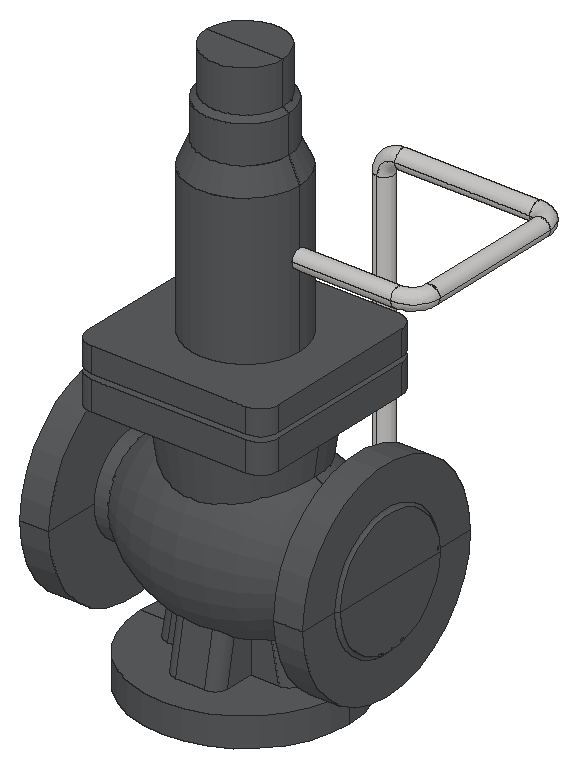
Revit family "VFG33_DN25-125_PN25_RFA_1", category Pipe Accessories, Revit 2019
Family settings
  Round Connector Dimension = Use Diameter
  Part Type = Valve - Breaks Into
  OmniClass Number = 23.75.65.14.14.17
  OmniClass Title = Flow Controls
  Work Plane-Based = No
  Always vertical = Yes
  Cut with Voids When Loaded = No
  Shared = No
Parameters (values of type "VFG33_DN25_PN25_065B2606")
  y2 = 60 mm
  y1 = 68.1 mm
  xtt200 = 75 mm
  xtb200 = 51 mm
  xt3 = 75 mm
  xt2 = 50 mm
  xt1 = 30 mm
  xs3 = xs2 / 2  # 52.5 mm
  xs2 = 105 mm
  xs1 = 105 mm
  xb2 = 85 mm
  xb1 = 65 mm
  r2 = 8 mm
  r1 = 12 mm
  r0 = 10 mm
  btx = 41.3 mm
  bh = 6.6 mm
  bbx = 49.2 mm
  a1 = L2 / 2  # 80 mm
  _tfr = 5 mm
  _tf4 = 11.5 mm
  _tf3 = 95.9 mm
  _tf2 = 94.4 mm
  _tf1 = 142.5 mm
  W [instance] = 158.4 mm
  URL = "https://store.danfoss.com/en/Climate-Solutions-for-heating/Motorised-Control-Valves-/Globe-Valves/Valves-for-District-Heating-and-District-Cooling/c/4104?q=%3Arelevance%3Adanfoss_producttypehierarchydesc%3A7368d77c411ee812a094239296e2d33941f6012b&text="
  Rz1 = 200 mm
  Ry2 = 20 mm
  Ry1 = 10 mm
  Rw2 = 33.068 mm
  Rw1 = 42.5 mm
  R42 [instance] = 6 mm
  R41 = 3.045 mm
  R4 = 20.955 mm
  R3 = 30 mm
  R2 = 27 mm
  R1P = 32 mm
  R1 = 80 mm
  L2 = L1 + (Flange_t1 + Flange_t2) * 2  # 160 mm
  L1 = 124 mm
  L [instance] = 160 mm
  H7 = 64 mm
  H6 = 141 mm
  H53 = 12.9 mm
  H52 = 20.4 mm
  H51 = 3.045 mm
  H5 = 118 mm
  H4 = 16 mm
  H3 = 13.5 mm
  H2 = 96.5 mm
  H1 = 62 mm
  H [instance] = 317.5 mm
  Flange_t2 = 2 mm
  Flange_t1 = 16 mm
  Flange_l2 = 36 mm
  Flange_l1 = 57.5 mm
  Description = "Motorized Control Valve"  # constant formula
  Weight = 10.50 kg
  Valve Body Material = Danfoss Ductile Iron
  Pressure Drop [instance] = 0.0 Pa
  Nominal Pressure = "PN 25"  # constant formula
  Model Type = "VFG33_DN25_PN25"
  Model = "065B2606"
  Min Medium Temperature = "2 °C"  # constant formula
  Max Medium Temperature = "200 °C"  # constant formula
  Max Differential Pressure = "20 bar"
  Manufacturer = "Danfoss"  # constant formula
  LOD 350 = not(LOD 200)  # yes
  LOD 200 = no
  Kvs = 8.0 m³/h
  IfcExportType = "VFG33"  # constant formula
  IfcExportAs = "IfcValveType"  # constant formula
  Flow [instance] = 0.0 m³/h
  DIStop = 38 mm
  D = 25 mm
  Connection = "Flange"  # constant formula
  ANtop = 30.00°
  65-125(350) [instance] = and([65-125], LOD 350)  # no
  65-125 = not([25-50])  # no
  25-80(350) [instance] = and([25-80], LOD 350)  # yes
  25-80(200) [instance] = and([25-80], LOD 200)  # no
  25-80 = yes
  25-50(350) [instance] = and([25-50], LOD 350)  # yes
  25-50 = yes
  100-125(350) [instance] = and([100-125], LOD 350)  # no
  100-125(200) [instance] = and([100-125], LOD 200)  # no
  100-125 = not([25-80])  # no
Types (8, lengths in mm): name | y2 | y1 | xtt200 | xtb200 | xt3 | xt2 | xt1 | xs3 | xs2 | xs1 | xb2 | xb1 | btx | bh | bbx | a1 | _tf4 | _tf3 | _tf2 | _tf1 | W | Rz1 | Rw2 | Rw1 | R42 | R3 | R2 | R1P | R1 | L2 | L1 | L | H7 | H6 | H53 | H52 | H5 | H4 | H3 | H2 | H1 | H | Flange_t2 | Flange_t1 | Flange_l2 | Flange_l1 | Weight | Model Type | Model | Max Differential Pressure | Kvs | DIStop | D | 65-125(350) | 65-125 | 25-80(350) | 25-80 | 25-50(350) | 25-50 | 100-125(350) | 100-125
  VFG33_DN25_PN25_065B2606 | 60 | 68.1 | 75 | 51 | 75 | 50 | 30 | 52.5 | 105 | 105 | 85 | 65 | 41.3 | 6.6 | 49.2 | 80 | 11.5 | 95.9 | 94.4 | 142.5 | 158.4 | 200 | 33.068 | 42.5 | 6 | 30 | 27 | 32 | 80 | 160 | 124 | 160 | 64 | 141 | 12.9 | 20.4 | 118 | 16 | 13.5 | 96.5 | 62 | 317.5 | 2 | 16 | 36 | 57.5 | 10.50 kg | "VFG33_DN25_PN25" | "065B2606" | "20 bar" | 8.0 m³/h | 38 | 25 | no | no | yes | yes | yes | yes | no | no
  VFG33_DN125_PN25_065B2613 | 111 | 85 | 170 | 222 | 75 | 50 | 30 | 53.5 | 107 | 150.584 | 64.215 | 78.215 | 97.1 | 16.5 | 116.8 | 200 | 77 | 149.9 | 146.3 | 222.5 | 289.9 | 125 | 66 | 101 | 53 | 77 | 86.3 | 156 | 284 | 400 | 340 | 400 | 150 | 186 | 14 | 7 | 163 | 25 | 24 | 202.5 | 170 | 588.5 | 3 | 27 | 97 | 135 | 93.00 kg | "VFG33_DN125_PN25" | "065B2613" | "15 bar" | 160.0 m³/h | 61 | 125 | yes | yes | no | no | no | no | yes | yes
  VFG33_DN100_PN25_065B2612 | 100 | 70 | 140 | 200 | 75 | 50 | 30 | 53.5 | 107 | 150.584 | 64.215 | 78.215 | 96.8 | 11.9 | 109 | 175 | 67 | 137.9 | 146.3 | 222.5 | 260.4 | 125 | 59.807 | 100 | 53 | 77 | 75.2 | 69 | 189 | 350 | 294 | 350 | 150 | 186 | 14 | 7 | 163 | 25 | 24 | 202.5 | 147 | 563.5 | 3 | 25 | 84 | 117.5 | 75.00 kg | "VFG33_DN100_PN25" | "065B2612" | "15 bar" | 125.0 m³/h | 53 | 100 | yes | yes | no | no | no | no | yes | yes
  VFG33_DN80_PN25_065B2611 | 75 | 60 | 120 | 150 | 75 | 50 | 30 | 75 | 150 | 150 | 149 | 30 | 41.334 | 6.611 | 49.213 | 155 | 67 | 122.9 | 102.5 | 164.2 | 227.9 | 200 | 15 | 75 | 31 | 55 | 61.7 | 105 | 200 | 310 | 258 | 310 | 102.5 | 131 | 14 | 12 | 108 | 27.7 | 19 | 152 | 129 | 438 | 3 | 23 | 72 | 100 | 41.00 kg | "VFG33_DN80_PN25" | "065B2611" | "20 bar" | 80.0 m³/h | 44.5 | 80 | yes | yes | yes | yes | no | no | no | no
  VFG33_DN65_PN25_065B2610 | 60 | 52.5 | 105 | 120 | 75 | 50 | 30 | 75 | 150 | 150 | 145 | 90 | 70.8 | 6.611 | 75 | 145 | 62 | 112.9 | 102.5 | 164.7 | 210.4 | 200 | 45 | 72.5 | 31 | 55 | 54 | 87 | 175 | 290 | 242 | 290 | 108 | 131 | 14 | 12 | 108 | 22 | 19 | 152.5 | 121 | 428.5 | 3 | 21 | 64 | 92.5 | 35.00 kg | "VFG33_DN65_PN25" | "065B2610" | "20 bar" | 50.0 m³/h | 38 | 65 | yes | yes | yes | yes | no | no | no | no
  VFG33_DN50_PN25_065B2609 | 52.5 | 60 | 115 | 82 | 115 | 82 | 48 | 60 | 120 | 120 | 100 | 70 | 48.5 | 8.3 | 58.4 | 115 | 11.5 | 120.4 | 101.9 | 155.6 | 207.9 | 200 | 35 | 50 | 14 | 38 | 42.6 | 85 | 147 | 230 | 186 | 230 | 77 | 125 | 12.936 | 20.411 | 102 | 18 | 17.5 | 113.5 | 93 | 353.5 | 3 | 19 | 54 | 82.5 | 21.00 kg | "VFG33_DN50_PN25" | "065B2609" | "20 bar" | 32.0 m³/h | 37.966 | 50 | no | no | yes | yes | yes | yes | no | no
  VFG33_DN40_PN25_065B2608 | 52.5 | 60 | 95 | 65 | 95 | 65 | 38 | 60 | 120 | 120 | 100 | 73 | 48.5 | 8.3 | 58.4 | 100 | 11.5 | 112.9 | 101.9 | 155.4 | 192.9 | 200 | 36.5 | 50 | 14 | 38 | 37.3 | 35 | 95 | 200 | 160 | 200 | 77 | 125 | 12.936 | 20.411 | 102 | 18 | 17.5 | 113.5 | 80 | 338.5 | 3 | 17 | 47 | 75 | 17.00 kg | "VFG33_DN40_PN25" | "065B2608" | "20 bar" | 20.0 m³/h | 37.966 | 40 | no | no | yes | yes | yes | yes | no | no
  VFG33_DN32_PN25_065B2607 | 52.5 | 60 | 80 | 55 | 80 | 55 | 33 | 53.4 | 106.8 | 106.8 | 86 | 55 | 41.334 | 6.611 | 49.213 | 90 | 11.5 | 107.4 | 93.4 | 142.5 | 182.4 | 200 | 27.5 | 43 | 6 | 30 | 33.4 | 35 | 90 | 180 | 140 | 180 | 64 | 141 | 12.936 | 20.411 | 118 | 16 | 13.5 | 96.5 | 70 | 327.5 | 2 | 18 | 41 | 70 | 12.00 kg | "VFG33_DN32_PN25" | "065B2607" | "20 bar" | 12.5 m³/h | 37.966 | 32 | no | no | yes | yes | yes | yes | no | no
Reference planes
  plane 1 "Center (Front/Back)": y = 0
  plane 2: z = 0
  plane 3 "Center (Left/Right)": x = 0
  plane 4 "Left": x = -62
  plane 5 "Right": x = 62
  plane 6 "tube_01": z = 142.5
  plane 7: x = -80
  plane 8: x = 80
  plane 9 "tube_05": z = -78
  plane 10 "tube_06": z = -62
  plane 11 "tube_07": z = 64
  plane 12 "tube_08": z = 96.5
  plane 13 "tube_09": z = 83
  plane 14 "tube_10": z = 80
  plane 15 "tube_101": z = -66.5
  plane 16 "tube_04": y = 95.9
  plane 17: x = 94.4
  plane 18 "tube_11": y = 100.9
  plane 19 "tube_12": y = -57.5
Forms (mm)
  Revolve 1, solid, material "Danfoss Ductile Iron" <- "Valve Body Material", detail levels fine
    sketch origin (0, 0, 0) x (1, 0, 0) y (0, 0, 1)
      loop
        line (-54.028, 27) -> (-62, 27) -> (-62, 0) -> (62, 0) -> (62, 27) -> (54.028, 27)
        arc (54.028, 27) -> (0, 48) -> (-54.028, 27) r 80
      axis (62, 0) -> (-62, 0)
    angle from 0 to 360
  Blend 2, solid, material "Danfoss Ductile Iron" <- "Valve Body Material", visible <- "25-50(350)", detail levels fine
    base sketch origin (0, 0, 0) x (1, 0, 0) y (0, 1, 0)
      loop
        arc (-9.5, 25) -> (-13.389, 23.389) -> (-15, 19.5) r 5.5
        line (-15, 19.5) -> (-15, 15) -> (-22, 15)
        arc (-22, 15) -> (-24.121, 14.121) -> (-25, 12) r 3
        line (-25, 12) -> (-25, -10.5)
        arc (-25, -10.5) -> (-23.682, -13.682) -> (-20.5, -15) r 4.5
        line (-20.5, -15) -> (-15, -15) -> (-15, -18)
        arc (-15, -18) -> (-12.95, -22.95) -> (-8, -25) r 7
        line (-8, -25) -> (8, -25)
        arc (8, -25) -> (12.95, -22.95) -> (15, -18) r 7
        line (15, -18) -> (15, -15) -> (19, -15)
        arc (19, -15) -> (23.243, -13.243) -> (25, -9) r 6
        line (25, -9) -> (25, 8)
        arc (25, 8) -> (22.95, 12.95) -> (18, 15) r 7
        line (18, 15) -> (15, 15) -> (15, 18)
        arc (15, 18) -> (12.95, 22.95) -> (8, 25) r 7
        line (8, 25) -> (-9.5, 25)
    top sketch origin (0, 0, 170) x (-1, 0, 0) y (0, -1, 0)
      loop
        line (15, -15) -> (30.5, -15)
        arc (30.5, -15) -> (35.45, -12.95) -> (37.5, -8) r 7
        line (37.5, -8) -> (37.5, 8)
        arc (37.5, 8) -> (35.45, 12.95) -> (30.5, 15) r 7
        line (30.5, 15) -> (15, 15) -> (15, 30.5)
        arc (15, 30.5) -> (12.95, 35.45) -> (8, 37.5) r 7
        line (8, 37.5) -> (-8, 37.5)
        arc (-8, 37.5) -> (-12.95, 35.45) -> (-15, 30.5) r 7
        line (-15, 30.5) -> (-15, 15) -> (-30.5, 15)
        arc (-30.5, 15) -> (-35.45, 12.95) -> (-37.5, 8) r 7
        line (-37.5, 8) -> (-37.5, -8)
        arc (-37.5, -8) -> (-35.45, -12.95) -> (-30.5, -15) r 7
        line (-30.5, -15) -> (-15, -15) -> (-15, -30.5)
        arc (-15, -30.5) -> (-12.95, -35.45) -> (-8, -37.5) r 7
        line (-8, -37.5) -> (8, -37.5)
        arc (8, -37.5) -> (12.95, -35.45) -> (15, -30.5) r 7
        line (15, -30.5) -> (15, -15)
    from 0 to -232
  Extrusion 3, solid, material "Danfoss Ductile Iron" <- "Valve Body Material", visible <- "25-80(350)", detail levels fine
    sketch origin (0, 0, -96.5) x (-1, 0, 0) y (0, -1, 0)
      loop
        arc (42.5, -52.5) -> (49.571, -49.571) -> (52.5, -42.5) r 10
        line (52.5, -42.5) -> (52.5, 42.5)
        arc (52.5, 42.5) -> (49.571, 49.571) -> (42.5, 52.5) r 10
        line (42.5, 52.5) -> (-42.5, 52.5)
        arc (-42.5, 52.5) -> (-49.571, 49.571) -> (-52.5, 42.5) r 10
        line (-52.5, 42.5) -> (-52.5, -42.5)
        arc (-52.5, -42.5) -> (-49.571, -49.571) -> (-42.5, -52.5) r 10
        line (-42.5, -52.5) -> (42.5, -52.5)
    from 179.5 to 193
  Extrusion 4, solid, material "Danfoss Ductile Iron" <- "Valve Body Material", visible <- "25-80(350)", detail levels fine
    sketch origin (0, 0, -80) x (-1, 0, 0) y (0, -1, 0)
      loop
        arc (42.5, -52.5) -> (49.571, -49.571) -> (52.5, -42.5) r 10
        line (52.5, -42.5) -> (52.5, 42.5)
        arc (52.5, 42.5) -> (49.571, 49.571) -> (42.5, 52.5) r 10
        line (42.5, 52.5) -> (-42.5, 52.5)
        arc (-42.5, 52.5) -> (-49.571, 49.571) -> (-52.5, 42.5) r 10
        line (-52.5, 42.5) -> (-52.5, -42.5)
        arc (-52.5, -42.5) -> (-49.571, -49.571) -> (-42.5, -52.5) r 10
        line (-42.5, -52.5) -> (42.5, -52.5)
    from 144 to 160
  Revolve 5, solid, material "Danfoss Ductile Iron" <- "Valve Body Material", visible <- "LOD 200", detail levels fine
    sketch origin (0, 0, 0) x (1, 0, 0) y (0, 0, 1)
      loop
        line (0, 214.5) -> (-30, 214.5) -> (-30, 64) -> (0, 64) -> (0, 214.5)
      axis (0, 64) -> (0, 214.5)
    angle from 0 to 360
  Revolve 6, solid, material "Danfoss Ductile Iron" <- "Valve Body Material", detail levels fine
    sketch origin (0, 0, 0) x (1, 0, 0) y (0, 0, 1)
      loop
        line (0, 96.5) -> (0, 237.5) -> (-20.955, 237.5) -> (-20.955, 96.5) -> (0, 96.5)
      axis (0, 237.5) -> (0, 96.5)
    angle from 0 to 360
  Extrusion 7, solid, material "Danfoss Ductile Iron" <- "Valve Body Material", visible <- "100-125(350)", detail levels fine
    sketch origin (0, 0, -96.5) x (-1, 0, 0) y (0, -1, 0)
      loop
        circle (0, 0) r 200
    from 179.5 to 193
  Extrusion 8, solid, material "Danfoss Ductile Iron" <- "Valve Body Material", visible <- "100-125(350)", detail levels fine
    sketch origin (0, 0, -174) x (-1, 0, 0) y (0, -1, 0)
      loop
        circle (0, 0) r 200
    from 238 to 254
  Revolve 9, solid, material "Danfoss Ductile Iron" <- "Valve Body Material", detail levels fine
    sketch origin (0, 0, 0) x (1, 0, 0) y (0, 0, 1)
      loop
        line (-33.068, 0) -> (0, 0) -> (0, 64) -> (-42.5, 64) -> (-33.068, 0)
      axis (0, 0) -> (0, 64)
    angle from 0 to 360
  Blend 10, solid, material "Danfoss Ductile Iron" <- "Valve Body Material", visible <- "LOD 200", detail levels fine
    base sketch origin (0, 0, -32.5) x (-1, 0, 0) y (0, -1, 0)
      loop
        circle (0, 0) r 25.5
    top sketch origin (0, 0, -32.5) x (-1, 0, 0) y (0, -1, 0)
      loop
        circle (0, 0) r 37.5
    from 32.5 to -29.5
  Extrusion 11, solid, material "Danfoss Ductile Iron" <- "Valve Body Material", visible <- "25-80(200)", detail levels fine
    sketch origin (0, 0, -96.5) x (-1, 0, 0) y (0, -1, 0)
      loop
        arc (42.5, -52.5) -> (49.571, -49.571) -> (52.5, -42.5) r 10
        line (52.5, -42.5) -> (52.5, 42.5)
        arc (52.5, 42.5) -> (49.571, 49.571) -> (42.5, 52.5) r 10
        line (42.5, 52.5) -> (-42.5, 52.5)
        arc (-42.5, 52.5) -> (-49.571, 49.571) -> (-52.5, 42.5) r 10
        line (-52.5, 42.5) -> (-52.5, -42.5)
        arc (-52.5, -42.5) -> (-49.571, -49.571) -> (-42.5, -52.5) r 10
        line (-42.5, -52.5) -> (42.5, -52.5)
    from 160.5 to 193
  Revolve 12, solid, material "Danfoss Ductile Iron" <- "Valve Body Material", visible <- "LOD 350", detail levels fine
    sketch origin (0, 0, 0) x (1, 0, 0) y (0, 0, 1)
      loop
        line (0, 64) -> (0, 57.4) -> (41.3, 57.4) -> (49.2, 64) -> (0, 64)
      axis (0, 64) -> (0, 57.4)
    angle from 0 to 360
  Extrusion 13, solid, material "Danfoss Ductile Iron" <- "Valve Body Material", visible <- "100-125(200)", detail levels fine
    sketch origin (0, 0, -96.5) x (-1, 0, 0) y (0, -1, 0)
      loop
        circle (0, 0) r 200
    from 160.5 to 193
  Revolve 14, solid, material "Danfoss Ductile Iron" <- "Valve Body Material", visible <- "65-125(350)", detail levels fine
    sketch origin (0, 0, 0) x (1, 0, 0) y (0, 0, -1)
      loop
        line (-60, 34.077) -> (-60, 0) -> (0, 0) -> (0, 62) -> (-68.1, 62) -> (-68.1, 20.047) -> (-60, 34.077)
      axis (0, 0) -> (0, 62)
    angle from 0 to 360
  Revolve 15, solid, material "Danfoss Ductile Iron" <- "Valve Body Material", visible <- "LOD 350", detail levels fine
    sketch origin (0, 0, 0) x (1, 0, 0) y (0, 0, -1)
      loop
        line (-20.955, -214.5) -> (0, -214.5) -> (0, -80) -> (-30, -80) -> (-30, -178.155) -> (-24, -191.055) -> (-24, -211.455) -> (-20.955, -214.5)
      axis (0, -80) -> (0, -214.5)
    angle from 0 to 360
  Sweep 16, solid, material "Danfoss Stainless Steel", visible <- "LOD 350", detail levels fine
    path in 3D
      loop
        line (0, 0, -66.5) -> (0, 85.9, -66.5)
        arc (0, 85.9, -66.5) -> (0, 92.971, -63.571) -> (0, 95.9, -56.5) r 10
        line (0, 95.9, -56.5) -> (0, 95.9, 132.5)
        arc (0, 95.9, 132.5) -> (2.929, 95.9, 139.571) -> (10, 95.9, 142.5) r 10
        line (10, 95.9, 142.5) -> (84.4, 95.9, 142.5)
        arc (84.4, 95.9, 142.5) -> (91.471, 92.971, 142.5) -> (94.4, 85.9, 142.5) r 10
        line (94.4, 85.9, 142.5) -> (94.4, 10, 142.5)
        arc (94.4, 10, 142.5) -> (91.471, 2.929, 142.5) -> (84.4, 0, 142.5) r 10
        line (84.4, 0, 142.5) -> (0, 0, 142.5)
    profile origin (0, 42.95, -66.5) x (0, 0, 1) y (1, 0, 0)
      loop
        circle (0, 0) r 5
Lines and regions (mm)
  reference lines
    curve 1: line (-80, 0, 0) -> (80, 0, 0)
    curve 2: line (0, 0, -62) -> (-92.5, 0, 98.215)
    curve 3: line (0, 0, 142.5) -> (84.4, 0, 142.5)
    curve 4: line (94.4, 10, 142.5) -> (94.4, 85.9, 142.5)
    curve 5: line (84.4, 95.9, 142.5) -> (10, 95.9, 142.5)
    curve 6: line (0, 95.9, 132.5) -> (0, 95.9, -56.5)
    curve 7: arc (94.4, 85.9, 142.5) -> (91.471, 92.971, 142.5) -> (84.4, 95.9, 142.5) r 10
    curve 8: arc (84.4, 0, 142.5) -> (91.471, 2.929, 142.5) -> (94.4, 10, 142.5) r 10
    curve 9: arc (10, 95.9, 142.5) -> (2.929, 95.9, 139.571) -> (0, 95.9, 132.5) r 10
    curve 10: line (0, 0, -66.5) -> (0, 85.9, -66.5)
    curve 11: arc (0, 85.9, -66.5) -> (0, 92.971, -63.571) -> (0, 95.9, -56.5) r 10
  sketch lines
    curve 12: line (0, 0, -66.5) -> (0, 85.9, -66.5)
    curve 13: arc (0, 85.9, -66.5) -> (0, 92.971, -63.571) -> (0, 95.9, -56.5) r 10
    curve 14: line (0, 95.9, 132.5) -> (0, 95.9, -56.5)
    curve 15: arc (10, 95.9, 142.5) -> (2.929, 95.9, 139.571) -> (0, 95.9, 132.5) r 10
    curve 16: line (84.4, 95.9, 142.5) -> (10, 95.9, 142.5)
    curve 17: line (94.4, 10, 142.5) -> (94.4, 85.9, 142.5)
    curve 18: arc (94.4, 85.9, 142.5) -> (91.471, 92.971, 142.5) -> (84.4, 95.9, 142.5) r 10
    curve 19: arc (84.4, 0, 142.5) -> (91.471, 2.929, 142.5) -> (94.4, 10, 142.5) r 10
    curve 20: line (0, 0, 142.5) -> (84.4, 0, 142.5)
Dimensions and locks
  equal spacing: plane 5 "Right", plane 3 "Center (Left/Right)", plane 4 "Left"
  "L1": plane 5 "Right" to plane 4 "Left"
  "R1P": curve 1 to Revolve 1 sketch curve
  "R2": Revolve 1 sketch curve to plane 2  (x2)
  equal spacing: Blend 2 sketch curve, plane 3 "Center (Left/Right)", Blend 2 sketch curve  (x4)
  "xt2": Blend 2 sketch curve to Blend 2 sketch curve  (x2)
  equal spacing: Blend 2 sketch curve, plane 1 "Center (Front/Back)", Blend 2 sketch curve  (x4)
  "xt1": Blend 2 sketch curve to Blend 2 sketch curve  (x4)
  "xt3": Blend 2 sketch curve to Blend 2 sketch curve  (x2)
  equal spacing: Extrusion 3 sketch curve, plane 3 "Center (Left/Right)", Extrusion 3 sketch curve
  "xs1": Extrusion 3 sketch curve to Extrusion 3 sketch curve  (x2)
  equal spacing: Extrusion 4 sketch curve, plane 3 "Center (Left/Right)", Extrusion 4 sketch curve
  equal spacing: Extrusion 4 sketch curve, plane 1 "Center (Front/Back)", Extrusion 4 sketch curve
  "xs2": Extrusion 4 sketch curve to Extrusion 4 sketch curve  (x2)
  "R3": plane 3 "Center (Left/Right)" to Revolve 5 sketch curve
  "R4": plane 3 "Center (Left/Right)" to Revolve 6 sketch curve
  plane 1 "Center (Front/Back)" to Extrusion 3 sketch curve = 52.5 mm
  "Rw2": plane 3 "Center (Left/Right)" to Revolve 9 sketch curve
  equal spacing: Extrusion 11 sketch curve, plane 3 "Center (Left/Right)", Extrusion 11 sketch curve
  "xs1": Extrusion 11 sketch curve to Extrusion 11 sketch curve  (x2)
  equal spacing: Extrusion 3, plane 1 "Center (Front/Back)", Extrusion 4
  "_tf1": plane 6 "tube_01" to plane 2
  equal spacing: plane 8, plane 3 "Center (Left/Right)", plane 7
  "L2": plane 8 to plane 7
  "Flange_t1": plane 10 "tube_06" to plane 9 "tube_05"
  "H1": plane 2 to plane 10 "tube_06"
  "y2": plane 3 "Center (Left/Right)" to Revolve 14 sketch curve
  "y1": plane 3 "Center (Left/Right)" to Revolve 14 sketch curve
  "DIStop": curve 2 to Revolve 14 sketch curve
  "H7": plane 11 "tube_07" to plane 2
  "H2": plane 12 "tube_08" to plane 2
  "H4": plane 14 "tube_10" to plane 11 "tube_07"
  "H3": plane 12 "tube_08" to plane 13 "tube_09"
  "Rw1": plane 3 "Center (Left/Right)" to Revolve 9 sketch curve
  "bh": plane 11 "tube_07" to Revolve 12 sketch curve
  "btx": Revolve 12 sketch curve to plane 3 "Center (Left/Right)"
  "bbx": Revolve 12 sketch curve to plane 3 "Center (Left/Right)"
  "H5": Revolve 5 sketch curve to plane 12 "tube_08"
  "H6": Revolve 6 sketch curve to plane 12 "tube_08"
  "R42": Revolve 15 sketch curve to Revolve 15 sketch curve
  "R41": Revolve 15 sketch curve to Revolve 15 sketch curve
  "H51": Revolve 15 sketch curve to Revolve 15 sketch curve
  "H52": Revolve 15 sketch curve to Revolve 15 sketch curve
  "H53": Revolve 15 sketch curve to Revolve 15 sketch curve
  "R3": plane 3 "Center (Left/Right)" to Revolve 15 sketch curve
  "H5": Revolve 15 sketch curve to plane 12 "tube_08"
  "R4": plane 3 "Center (Left/Right)" to Revolve 15 sketch curve
  "_tf4": plane 15 "tube_101" to plane 9 "tube_05"
  "_tf3": plane 1 "Center (Front/Back)" to plane 16 "tube_04"
  "_tf2": plane 3 "Center (Left/Right)" to plane 17
  "H": Revolve 6 to nested 4
  "L": plane 8 to plane 7
  "_tfr": plane 18 "tube_11" to plane 16 "tube_04"
  "Flange_l1": plane 1 "Center (Front/Back)" to plane 19 "tube_12"
  "W": plane 18 "tube_11" to plane 19 "tube_12"
  "R1": radius of Revolve 1 sketch curve
  "r0": radius of Extrusion 3 sketch curve  (x4)
  "Rz1": radius of Extrusion 7 sketch curve
  "Rz1": radius of Extrusion 8 sketch curve
  "xtb200": diameter of Blend 10 sketch curve
  "xtt200": diameter of Blend 10 sketch curve
  "r0": radius of Extrusion 11 sketch curve  (x4)
  "Rz1": radius of Extrusion 13 sketch curve
  "_tfr": radius of Sweep 16 sketch curve
  "ANtop": angle plane 3 "Center (Left/Right)" to curve 2
  aligned and locked: level to plane 2
  aligned and locked: curve 1 to plane 2
  aligned and locked: plane 1 "Center (Front/Back)" to curve 1
  aligned and locked: plane 2 to nested 1
  aligned and locked: nested 2 to plane 2
  aligned and locked: nested 1 to plane 1 "Center (Front/Back)"
  aligned and locked: nested 2 to plane 1 "Center (Front/Back)"
  aligned and locked: plane 2 to Revolve 1 sketch curve
  aligned and locked: Revolve 1 sketch curve to plane 2
  aligned and locked: Revolve 1 sketch curve to plane 5 "Right"
  aligned and locked: Revolve 1 sketch curve to plane 4 "Left"
  aligned and locked: Blend 2 sketch curve to Blend 2 sketch curve  (x8)
  aligned and locked: Blend 2 to plane 2
  aligned and locked: plane 3 "Center (Left/Right)" to Revolve 5 sketch curve  (x2)
  aligned and locked: plane 3 "Center (Left/Right)" to Revolve 6 sketch curve  (x2)
  aligned and locked: plane 3 "Center (Left/Right)" to Revolve 9 sketch curve
  aligned and locked: Revolve 9 sketch curve to plane 2
  aligned and locked: plane 1 "Center (Front/Back)" to nested 3
  aligned and locked: Blend 10 to plane 2
  aligned and locked: Revolve 12 sketch curve to plane 3 "Center (Left/Right)"  (x2)
  aligned and locked: plane 7 to curve 1
  aligned and locked: plane 8 to curve 1
  aligned and locked: nested 4 to plane 3 "Center (Left/Right)"
  aligned and locked: plane 1 "Center (Front/Back)" to nested 4
  aligned and locked: plane 3 "Center (Left/Right)" to curve 2
  aligned and locked: plane 10 "tube_06" to curve 2
  aligned and locked: plane 2 to Revolve 14 sketch curve
  aligned and locked: Revolve 14 sketch curve to plane 10 "tube_06"
  aligned and locked: Blend 10 to plane 10 "tube_06"
  aligned and locked: Revolve 9 sketch curve to plane 3 "Center (Left/Right)"
  aligned and locked: plane 11 "tube_07" to Revolve 9 sketch curve
  aligned and locked: plane 12 "tube_08" to Extrusion 11
  aligned and locked: Extrusion 11 to plane 11 "tube_07"
  aligned and locked: plane 14 "tube_10" to Extrusion 4
  aligned and locked: Extrusion 4 to plane 11 "tube_07"
  aligned and locked: Extrusion 3 to Extrusion 11
  aligned and locked: Extrusion 3 to plane 13 "tube_09"
  aligned and locked: Revolve 12 sketch curve to plane 11 "tube_07"
  aligned and locked: Extrusion 13 to Extrusion 3
  aligned and locked: Extrusion 13 to Extrusion 4
  aligned and locked: Extrusion 8 to Extrusion 4  (x2)
  aligned and locked: Extrusion 7 to Extrusion 3  (x2)
  aligned and locked: plane 11 "tube_07" to Revolve 5 sketch curve
  aligned and locked: plane 12 "tube_08" to Revolve 6 sketch curve
  aligned and locked: plane 3 "Center (Left/Right)" to Revolve 15 sketch curve
  aligned and locked: Revolve 15 sketch curve to plane 14 "tube_10"
  aligned and locked: Blend 2 to plane 10 "tube_06"
  aligned and locked: plane 3 "Center (Left/Right)" to curve 3
  aligned and locked: plane 1 "Center (Front/Back)" to curve 3
  aligned and locked: plane 17 to curve 4
  aligned and locked: curve 6 to plane 3 "Center (Left/Right)"
  aligned and locked: plane 15 "tube_101" to curve 10
  aligned and locked: plane 1 "Center (Front/Back)" to curve 10
Automatic sketch dimensions
  curve 7 to plane 16 "tube_04" = 0 mm
  curve 4 to curve 8 = 10 mm
  curve 4 to curve 7 = 10 mm
  curve 5 to plane 6 "tube_01" = 0 mm
  plane 3 "Center (Left/Right)" to curve 5 = 10 mm
  curve 5 to plane 17 = 10 mm
  plane 15 "tube_101" to curve 6 = 10 mm
  curve 10 to plane 16 "tube_04" = 10 mm
  Revolve 1 sketch curve to plane 3 "Center (Left/Right)" = 0 mm
  Revolve 1 sketch curve to plane 17 = 0.78 mm
  Revolve 1 sketch curve to plane 8 = 2.489 mm
  Blend 2 sketch curve to Blend 2 sketch curve = 3 mm
  Blend 2 sketch curve to Blend 2 sketch curve = 5.5 mm  (x2)
  Blend 2 sketch curve to plane 3 "Center (Left/Right)" = 8 mm  (x3)
  plane 3 "Center (Left/Right)" to Blend 2 sketch curve = 8 mm  (x3)
  Blend 2 sketch curve to Blend 2 sketch curve = 7 mm  (x6)
  Blend 2 sketch curve to Blend 2 sketch curve = 6 mm
  Extrusion 4 sketch curve to Extrusion 4 sketch curve = 10 mm  (x4)
  Revolve 5 sketch curve to level = 25.5 mm
  Revolve 5 sketch curve to Revolve 5 sketch curve = 8 mm
  plane 15 "tube_101" to Revolve 6 sketch curve = 1.473 mm
  plane 6 "tube_01" to Revolve 6 sketch curve = 2.673 mm
  plane 1 "Center (Front/Back)" to Extrusion 7 sketch curve = 0 mm
  Extrusion 7 sketch curve to plane 3 "Center (Left/Right)" = 0 mm
  plane 1 "Center (Front/Back)" to Extrusion 8 sketch curve = 0 mm
  Extrusion 8 sketch curve to plane 3 "Center (Left/Right)" = 0 mm
  Revolve 9 sketch curve to plane 12 "tube_08" = 5 mm
  plane 6 "tube_01" to Revolve 9 sketch curve = 18.5 mm
  plane 1 "Center (Front/Back)" to Blend 10 sketch curve = 0 mm  (x2)
  Blend 10 sketch curve to plane 3 "Center (Left/Right)" = 0 mm  (x2)
  Extrusion 11 sketch curve to plane 16 "tube_04" = 43.4 mm
  Revolve 12 sketch curve to level = 7.37 mm
  Revolve 12 sketch curve to Revolve 12 sketch curve = 5 mm
  plane 1 "Center (Front/Back)" to Extrusion 13 sketch curve = 0 mm
  Extrusion 13 sketch curve to plane 3 "Center (Left/Right)" = 0 mm
  Revolve 14 sketch curve to plane 3 "Center (Left/Right)" = 0 mm  (x2)
  plane 14 "tube_10" to Revolve 14 sketch curve = 1.3 mm
  Revolve 14 sketch curve to plane 13 "tube_09" = 4.7 mm
  Revolve 15 sketch curve to plane 3 "Center (Left/Right)" = 0 mm
  Revolve 15 sketch curve to plane 12 "tube_08" = 4.592 mm
  plane 12 "tube_08" to Revolve 15 sketch curve = 6.661 mm
  Sweep 16 sketch curve to profile plane = 0 mm  (x2)
  radius of curve 11 = 10 mm
Nested families
  nested 1: "Flange" at (-62, 0, 0) x (0, 1, 0) z (-1, 0, 0), l1 <- "Flange_l1", l2 <- "Flange_l2", t1 <- "Flange_t1", t2 <- "Flange_t2", Materials <- "Valve Body Material", type "Flange"
    with t2 2 mm, t1 16 mm, l2 36 mm, l1 57.5 mm, Materials Danfoss Ductile Iron
  nested 2: "Flange" at (62, 0, 0) x (0, 1, 0) z (1, 0, 0), l1 <- "Flange_l1", l2 <- "Flange_l2", t1 <- "Flange_t1", t2 <- "Flange_t2", Materials <- "Valve Body Material", type "Flange"
    with t2 2 mm, t1 16 mm, l2 36 mm, l1 57.5 mm, Materials Danfoss Ductile Iron
  nested 3: "Schematic" at (0, 0, 0), l <- "L2", a1 <- "a1", type "Schematic"
    with option 1 yes, l 160 mm, a1 80 mm, a 80 mm
  nested 4: "Flange" at (0, 0, -62) x (-1, 0, 0) z (0, 0, -1), l1 <- "Flange_l1", l2 <- "Flange_l2", t1 <- "Flange_t1", t2 <- "Flange_t2", type "Flange"
    with t2 2 mm, t1 16 mm, l2 36 mm, l1 57.5 mm, Materials Danfoss Ductile Iron
Connectors
  piping at (-80, 0, 0), diameter 25, driven by "Flow", driven by "D"
    settings: on curve 1, index 1, connector inside diameter 609.6 mm, connector length 0 mm, flow factor 0, pipe flow 0.0 m³/h, pressure drop 0.0 Pa, fitting loss kfactor 0, connector angle 0.00°, fixture units 0, engagement length 0 mm, angle of deflection 0.00°, flow configuration 0, flow direction 0, fitting loss method 0, system type 29, joint type 0, gender type 0, connector reference index 2, connector utility 0, adjustable connector no, is connector primary yes, connector description ""
  piping at (80, 0, 0), diameter 25, driven by "Flow", driven by "D"
    settings: on curve 1, index 2, connector inside diameter 609.6 mm, connector length 0 mm, flow factor 0, pipe flow 0.0 m³/h, pressure drop 0.0 Pa, fitting loss kfactor 0, connector angle 0.00°, fixture units 0, engagement length 0 mm, angle of deflection 0.00°, flow configuration 0, flow direction 0, fitting loss method 0, system type 29, joint type 0, gender type 0, connector reference index 1, connector utility 0, adjustable connector no, is connector primary no, connector description ""
  piping at (0, 0, -80), diameter 25, driven by "D", driven by "Flow"
    settings: on nested 4, index 3, connector inside diameter 609.6 mm, connector length 0 mm, flow factor 0, pipe flow 0.0 m³/h, pressure drop 0.0 Pa, fitting loss kfactor 0, connector angle 0.00°, fixture units 0, engagement length 0 mm, angle of deflection 0.00°, flow configuration 0, flow direction 0, fitting loss method 0, system type 29, joint type 0, gender type 0, connector reference index -1, connector utility 0, adjustable connector no, is connector primary no, connector description ""
Definition of nested family "Flange"
  Parameters (values of type "Flange")
    t2 [instance] = 40 mm
    t1 [instance] = 89.064 mm
    l2 [instance] = 226.779 mm
    l1 [instance] = 326.779 mm
    Materials [instance] = none
    Default Elevation = 1219.2 mm
  Reference planes
    plane 1 "Center (Front/Back)": y = 0
    plane 2: z = 0
    plane 3 "Center (Left/Right)": x = 0
    plane 4: z = 89.064
    plane 5: x = -326.779
    plane 6: z = 129.064
    plane 7: x = -226.779
  Forms (mm)
    Extrusion 1, solid
      sketch origin (0, 0, 0) x (1, 0, 0) y (0, 1, 0)
        loop
          line (-1219.2, 1219.2) -> (-1219.2, -1219.2) -> (1219.2, -1219.2) -> (1219.2, 1219.2) -> (-1219.2, 1219.2)
      from 0 to -304.8
    Revolve 2, solid, material <- "Materials", detail levels fine
      sketch origin (0, 0, 0) x (1, 0, 0) y (0, 0, 1)
        loop
          line (0, 0) -> (0, 129.064) -> (-186.779, 129.064)
          arc (-186.779, 129.064) -> (-198.495, 100.779) -> (-226.779, 89.064) r 40
          line (-226.779, 89.064) -> (-326.779, 89.064) -> (-326.779, 0) -> (0, 0)
        axis (0, 0) -> (0, 129.064)
      angle from 0 to 360
  Dimensions and locks
    "t2": plane 6 to plane 4
    "t1": plane 4 to level
    "l2": plane 3 "Center (Left/Right)" to plane 7
    "l1": plane 3 "Center (Left/Right)" to plane 5
    locked: plane 7 to Revolve 2 sketch curve at 0
    locked: plane 6 to Revolve 2 sketch curve at 0
    "t2": radius of Revolve 2 sketch curve
    aligned and locked: plane 2 to Extrusion 1
    aligned and locked: level to Extrusion 1
    aligned and locked: Extrusion 1 to Revolve 2 sketch curve
    aligned and locked: Revolve 2 sketch curve to plane 3 "Center (Left/Right)"
    aligned and locked: Revolve 2 sketch curve to plane 4
    aligned and locked: plane 5 to Revolve 2 sketch curve
    aligned and locked: plane 3 "Center (Left/Right)" to Revolve 2 sketch curve
    aligned and locked: plane 6 to Revolve 2 sketch curve
    aligned and locked: plane 7 to Revolve 2 sketch curve
  Automatic sketch dimensions
    Extrusion 1 sketch curve to Extrusion 1 sketch curve = 2438.4 mm  (x2)
    Revolve 2 sketch curve to Revolve 2 sketch curve = 240 mm
    Revolve 2 sketch curve to Revolve 2 sketch curve = 93.524 mm
Definition of nested family "Schematic"
  Parameters (values of type "Schematic")
    option 1 [instance] = yes
    l [instance] = 200 mm
    a1 [instance] = 100 mm
    a [instance] = l / 2  # 100 mm
  Reference planes
    plane 1 "Center (Front/Back)": y = 0
    plane 2: z = 0
    plane 3 "Center (Left/Right)": x = 0
    plane 4: x = -1300
    plane 5: x = 1300
    plane 6: y = 700
    plane 7: y = -700
  Dimensions and locks
    equal spacing: plane 4, plane 3 "Center (Left/Right)", plane 5
    plane 4 to plane 5 = 2600 mm
    equal spacing: plane 6, plane 1 "Center (Front/Back)", plane 7
    plane 6 to plane 7 = 1400 mm
    aligned and locked: level to plane 2
    aligned and locked: plane 1 "Center (Front/Back)" to nested 1
    aligned and locked: plane 3 "Center (Left/Right)" to nested 1
    aligned and locked: nested 5 to level
    aligned and locked: plane 1 "Center (Front/Back)" to nested 5
  Nested families
    nested 1: "Schematic_1" at (0, 0, 0), a <- "a", type "Schematic_1"
      with b 80 mm, a 100 mm
    nested 2: "Schematic_2" at (0, 0, 0) x (0, 1, 0) z (0, 0, 1), b <- "a", type "Schematic_2"
      with plan on/off yes, elevation on/off no, b 100 mm, a 10 mm
    nested 3: "Schematic_2" at (0, 0, 0) x (0, -1, 0) z (0, 0, 1), b <- "a", type "Schematic_2"
      with plan on/off yes, elevation on/off no, b 100 mm, a 10 mm
    nested 4: "Schematic_2" at (0, 0, 0) x (-1, 0, 0) z (0, 0, -1), b <- "a", elevation on/off <- "option 1", type "Schematic_2"
      with plan on/off no, elevation on/off yes, b 100 mm, a 10 mm
    nested 5: "Schematic_2" at (0, 0, 0) x (0, 0, -1) z (1, 0, 0), b <- "a", type "Schematic_2"
      with plan on/off no, elevation on/off yes, b 100 mm, a 10 mm
    nested 6: "Schematic_2" at (0, 0, 0) x (0, 0, 1) z (-1, 0, 0), b <- "a", type "Schematic_2"
      with plan on/off no, elevation on/off yes, b 100 mm, a 10 mm
    nested 7: "Schematic_2" at (0, 0, 0) x (-1, 0, 0) z (0, 0, 1), b <- "a1", plan on/off <- "option 1", type "Schematic_2"
      with plan on/off yes, elevation on/off no, b 100 mm, a 10 mm
  Definition of nested family "Schematic_1"
    Parameters (values of type "Schematic_1")
      b [instance] = a * 0.8  # 80 mm
      a [instance] = 100 mm
    Reference planes
      plane 1 "Center (Front/Back)": y = 0
      plane 2: z = 0
      plane 3 "Center (Left/Right)": x = 0
      plane 4: y = 80
      plane 5: x = -50
      plane 6: x = 50
      plane 7: y = 180
      plane 8: z = 80
      plane 9: z = 180
    Lines and regions (mm)
      symbolic lines, detail levels coarse+medium
        curve 1: line (-50, 80, 0) -> (50, 80, 0)
        curve 2: line (-50, 180, 0) -> (-50, 80, 0)
        curve 3: line (50, 180, 0) -> (-50, 180, 0)
        curve 4: line (50, 80, 0) -> (50, 180, 0)
        curve 5: line (0, 80, 0) -> (0, 0, 0)
      model lines, detail levels coarse+medium
        curve 6: line (0, 0, 0) -> (0, 0, 80)
        curve 7: line (-50, 0, 180) -> (50, 0, 180)
        curve 8: line (-50, 0, 80) -> (-50, 0, 180)
        curve 9: line (50, 0, 80) -> (-50, 0, 80)
        curve 10: line (50, 0, 180) -> (50, 0, 80)
    Dimensions and locks
      equal spacing: plane 5, plane 3 "Center (Left/Right)", plane 6
      "b": plane 4 to plane 1 "Center (Front/Back)"
      "a": plane 5 to plane 6
      "a": plane 7 to plane 4
      "b": plane 8 to level
      "a": plane 9 to plane 8
      aligned and locked: level to plane 2
      aligned and locked: curve 7 to plane 9
      aligned and locked: plane 5 to curve 8
      aligned and locked: plane 8 to curve 9
      aligned and locked: curve 10 to plane 6
      aligned and locked: plane 3 "Center (Left/Right)" to curve 6
      aligned and locked: plane 8 to curve 6
      aligned and locked: level to curve 6
    Automatic sketch dimensions
      curve 5 to plane 3 "Center (Left/Right)" = 0 mm
      plane 1 "Center (Front/Back)" to curve 5 = 0 mm
      curve 1 to plane 4 = 0 mm
      curve 1 to plane 5 = 0 mm
      curve 4 to plane 6 = 0 mm
      curve 5 to plane 4 = 0 mm
      curve 4 to plane 7 = 0 mm
  Definition of nested family "Schematic_2"
    Parameters (values of type "Schematic_2")
      plan on/off [instance] = yes
      elevation on/off [instance] = yes
      b [instance] = 80 mm
      a [instance] = b / 10  # 8 mm
      Default Elevation = 1219.2 mm
    Reference planes
      plane 1 "Center (Front/Back)": y = 0
      plane 2: z = 0
      plane 3 "Center (Left/Right)": x = 0
      plane 4: y = 72
      plane 5: x = -40
      plane 6: x = 40
      plane 7: y = 80
      plane 8: z = 72
      plane 9: z = 80
    Lines and regions (mm)
      symbolic lines, visible <- "plan on/off", detail levels coarse+medium
        curve 1: line (-40, 80, 0) -> (40, 80, 0)
        curve 2: line (-40, 72, 0) -> (40, 72, 0)
        curve 3: line (40, 72, 0) -> (0, 0, 0)
        curve 4: line (0, 0, 0) -> (-40, 72, 0)
      model lines, visible <- "elevation on/off", detail levels coarse+medium
        curve 5: line (-40, 0, 80) -> (40, 0, 80)
        curve 6: line (-40, 0, 72) -> (40, 0, 72)
        curve 7: line (40, 0, 72) -> (0, 0, 0)
        curve 8: line (0, 0, 0) -> (-40, 0, 72)
    Dimensions and locks
      equal spacing: plane 5, plane 3 "Center (Left/Right)", plane 6
      "b": plane 7 to plane 1 "Center (Front/Back)"
      "b": plane 5 to plane 6
      "a": plane 7 to plane 4
      "b": plane 9 to level
      "a": plane 9 to plane 8
      aligned and locked: level to plane 2
      aligned and locked: plane 5 to curve 1
      aligned and locked: plane 6 to curve 1
      aligned and locked: curve 1 to plane 7
      aligned and locked: curve 5 to plane 9
      aligned and locked: plane 5 to curve 5
      aligned and locked: plane 6 to curve 5
    Automatic sketch dimensions
      curve 4 to plane 5 = 0 mm
      curve 2 to plane 4 = 0 mm
      plane 1 "Center (Front/Back)" to curve 3 = 0 mm
      curve 3 to plane 3 "Center (Left/Right)" = 0 mm
      curve 3 to plane 6 = 0 mm
      curve 8 to plane 5 = 0 mm
      curve 8 to level = 0 mm
      curve 8 to plane 3 "Center (Left/Right)" = 0 mm
      curve 7 to plane 6 = 0 mm
      curve 8 to plane 8 = 0 mm
